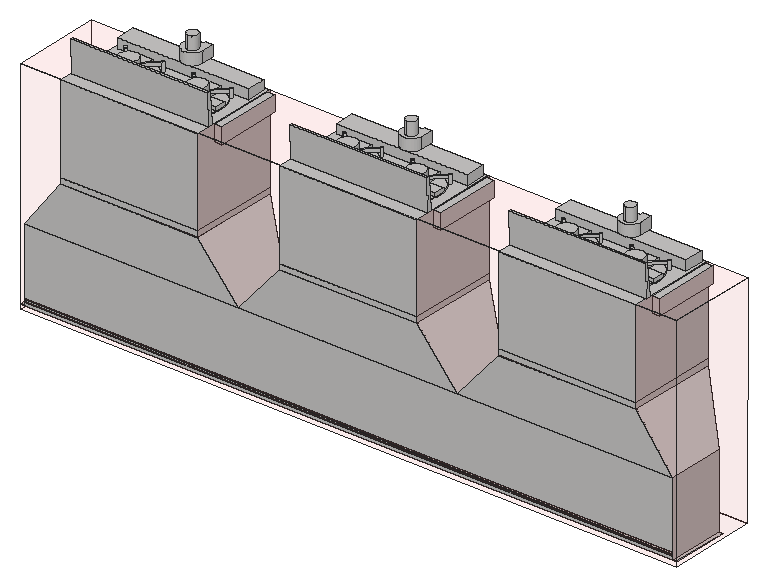
Revit family "Air-Curtain_Industrial_PoweredAire_Gas-Indirect-3Heater", category Mechanical Equipment, host Face, Revit 2023
Family settings
  Host = Face
  Round Connector Dimension = Use Diameter
  Part Type = Normal
  OmniClass Number = 23.75.35.17.21
  OmniClass Title = Air Curtains
  Cut with Voids When Loaded = No
  Maintain Annotation Orientation = No
  Shared = No
  Room Calculation Point = No
Parameters (values of type "22 ft Opening EHD 240'' Nozzle")
  topbracket [instance] = Unit Height = 1' 4 3/4"  # no
  Warranty Duration (Years) = 0
  Unit Width Notes = "Other Widths available."  # constant formula
  Unit Width = 20' - 3 3/8"
  Unit Weight = 2870
  Unit Height = 1' - 9"
  Unit Depth = 2' - 3 1/4"
  URL = "http://www.poweredaire.com/"
  Test Data = ""
  Standards Conformance = "AGA  ;  Made in USA"
  Specification = "http://www.arcat.com/sdspecs/htm04/23_34_33pai.htm"
  SpecWizard = ""
  Sound Pressure = ">71 dBA"
  Sales Information = "http://www.poweredaire.com/contact_us"
  Revision = "R1_2016-08"
  Projection from Host [instance] = 0' - 2"
  Product Properties = ""
  Product Data = "http://www.arcat.com/arcatcos/cos47/arc47623.html"
  Power Rating = 0 W
  Piping_Operating Pressure [instance] = 0.00 psi
  Pipe OD [instance] = 5/8"
  Overall Depth = 6' - 7 3/4"
  Nozzle Width = if(1 = 1, Unit Width - 0' 3", 0' 0")  # 20' - 0 3/8"
  Mounting Width = if(1 = 1, Unit Width - 0' 1 1/2", 0' 0")  # 20' - 1 7/8"
  Mounting Height [instance] = 3' - 6"
  Motor RPM = 1160
  Motor HP = 5
  Motor Count = 4
  Model = "EHD-4-240IG"
  Max Height = 22' - 0"
  Manufacturer Website = "http://www.poweredaire.com/"
  Manufacturer Phone - Toll Free = "888-321-2473"
  Manufacturer Phone = "724-588-3305"
  Manufacturer Fax = "724-588-3371"
  Manufacturer Address = "109 Mortensen Rd.  Greenville, PA 16125"
  Manufacturer = "Powered Aire, Inc"
  Maintenance Schedule (Months) = 0
  Keynote = "23 34 33"
  Installation-Fabrication = ""
  Installation Phase = ""
  Include Clearance [instance] = yes
  Heating Element Load = 0 W
  Heater Weight = 0
  Heater Hanging Width = 4' - 0 5/8"
  Heater Finish [instance] = Metal - Steel - PoweredAire - Stainless 304
  HVAC_Temperature Rise = 27 °F
  HVAC_Primary CFM = 0 CFM
  HVAC_Outlet Volume = 29100 CFM
  HVAC_Outlet Velocity Uniformity = 0.95
  HVAC_Outlet Velocity = 4400 FPM
  HVAC_Exit Temperature [instance] = 0 °F
  HVAC_BTU Output = 840000.0 Btu/h
  HVAC_BTU Input = 350000.0 Btu/h
  Green Building-LEED = "http://www.arcat.com/green/clients/leed_data_47623.html"
  Gas Connection Diameter [instance] = 0"
  Frame Finish [instance] = Metal - Steel - PoweredAire - Stainless 304
  Expected Lifespan (Years) = 0
  Exhaust Connection Diameter = 0' - 6"
  Electrical_Wattage [instance] = Power Rating + Heating Element Load  # 0 W
  Electrical_Voltage [instance] = 0 V
  Electrical_Phase [instance] = 1
  Electrical_Frequency [instance] = 0 Hz
  Electrical_Amperage [instance] = 0 A
  Drawn By = "Sumex Design, Inc. / Robert S. Weygant, CSI, CDT, SCIP"
  Description = "Powered Aire Indirect Gas Heated Industrial Air Curtain - EHD-4-240IG as Specified"
  Default Elevation = 0' - 0"  # constant formula
  Copyright = "©Arcat Inc."
  Construction Details = "http://www.arcat.com/details/powair/prod3336.html"
  Clearance_Top [instance] = 1' - 0"
  Clearance_Side B [instance] = 0' - 0"
  Clearance_Side A [instance] = 0' - 0"
  Clearance_Intake [instance] = 0' - 0"
  Clearance_Bottom [instance] = 0' - 0"
  Clearance Material [instance] = ARCAT Clearance
  Building Codes = ""
  Available Options [instance] = "as Specified"
  Assembly Code = "D3090400"
Types (5): name | Unit Width | Unit Weight | Sound Pressure | Nozzle Width | Mounting Width | Motor HP | Motor Count | Model | Max Height | HVAC_Temperature Rise | HVAC_Outlet Volume | HVAC_Outlet Velocity Uniformity | HVAC_Outlet Velocity | Description
  22 ft Opening EHD 240'' Nozzle | 20' - 3 3/8" | 2870 | ">71 dBA" | 20' - 0 3/8" | 20' - 1 7/8" | 5 | 4 | "EHD-4-240IG" | 22' - 0" | 27 °F | 29100 CFM | 0.95 | 4400 FPM | "Powered Aire Indirect Gas Heated Industrial Air Curtain - EHD-4-240IG as Specified"
  22 ft Opening EHD 228'' Nozzle | 19' - 3 3/8" | 2800 | ">71 dBA" | 19' - 0 3/8" | 19' - 1 7/8" | 5 | 4 | "EHD-4-228IG" | 22' - 0" | 27 °F | 28300 CFM | 0.94 | 4800 FPM | "Powered Aire Indirect Gas Heated Industrial Air Curtain - EHD-4-228IG as Specified"
  17 ft Opening TSD 240'' Nozzle 5 Motor | 20' - 3 1/2" | 2550 | ">69 dBA" | 20' - 0 1/2" | 20' - 2" | 3 | 5 | "TSD-5-240IG" | 17' - 0" | 34 °F | 25900 CFM | 0.951 | 3900 FPM | "Powered Aire Indirect Gas Heated Industrial Air Curtain - TSD-5-240IG as Specified"
  17 ft Opening TSD 240'' Nozzle 4 Motor | 20' - 3 3/8" | 2330 | ">69 dBA" | 20' - 0 3/8" | 20' - 1 7/8" | 3 | 4 | "TSD-4-240IG" | 17' - 0" | 38 °F | 21500 CFM | 0.863 | 3300 FPM | "Powered Aire Indirect Gas Heated Industrial Air Curtain - TSD-4-240IG as Specified"
  17 ft Opening TSD 228'' Nozzle | 19' - 3 3/8" | 2310 | ">69 dBA" | 19' - 0 3/8" | 19' - 1 7/8" | 3 | 4 | "TSD-4-228IG" | 17' - 0" | 40 °F | 20800 CFM | 0.863 | 3300 FPM | "Powered Aire Indirect Gas Heated Industrial Air Curtain - TSD-4-228IG as Specified"
Reference planes (in)
  plane 1 "Center (Elevation)": y = 0.13818
  plane 2: z = 0
  plane 3 "Center (Left/Right)": x = 0
  plane 4 "Top": y = 10.63818
  plane 5: y = -10.36182
  plane 6: x = -121.6875
  plane 7: x = 121.6875
  plane 8 "Front": z = 29.25
  plane 9 "FF": y = -41.86182
  plane 10: z = 2
  plane 11: x = 120.1875
  plane 12: x = -120.1875
  plane 13: y = 22.63818
  plane 14: y = -10.36182
  plane 15: x = -121.6875
  plane 16: x = 121.6875
  plane 17: z = 81.75
  plane 18: x = 120.125
  plane 19: x = -120.125
  plane 20: x = 120.1875
  plane 21: x = 120.1875
  plane 22: y = 8.13818
  plane 23: y = -7.86182
  plane 24: z = 81.75
  plane 25: z = 49.25
  plane 26: z = 47.25
  plane 27: x = -56.8125
  plane 28: x = -105.4375
  plane 29: x = -55.75
  plane 30: x = -106.5
  plane 31: x = 56.8125
  plane 32: x = 105.4375
  plane 33: x = 55.75
  plane 34: x = 106.5
  plane 35: x = -81.125
  plane 36: x = 81.125
  plane 37: x = -24.3125
  plane 38: x = 24.3125
  plane 39: x = -25.375
  plane 40: x = 25.375
  plane 41: x = -40.5625
  plane 42: x = 40.5625
Forms (in)
  Extrusion 1, solid, material "Metal - Steel - PoweredAire - Stainless 304" <- "Frame Finish"
    sketch origin (0, 0, 0) x (0, 1, 0) y (0, 0, 1)
      loop
        line (-10.36182, 2) -> (10.63818, 2) -> (10.63818, 29.25) -> (-10.36182, 29.25) -> (-10.36182, 2)
    from -120.1875 to 120.1875
  Extrusion 2, solid, material "ARCAT Clearance" <- "Clearance Material", visible <- "Include Clearance"
    sketch origin (0, 0, 0) x (0, 1, 0) y (0, 0, 1)
      loop
        line (-10.36182, 81.75) -> (-10.36182, 0) -> (22.63818, 0) -> (22.63818, 81.75) -> (-10.36182, 81.75)
    from -121.6875 to 121.6875
  Extrusion 3, solid, material "Metal - Steel - PoweredAire - Stainless 304" <- "Frame Finish"
    sketch origin (-15.17702, -180, 2) x (-1, 0, 0) y (0, -1, 0)
      loop
        line (-135.36452, -190.63818) -> (-135.36452, -169.63818) -> (-136.86452, -169.63818) -> (-136.86452, -190.63818) -> (-135.36452, -190.63818)
      loop
        line (105.01048, -190.63818) -> (106.51048, -190.63818) -> (106.51048, -169.63818) -> (105.01048, -169.63818) -> (105.01048, -190.63818)
    from 0 to 0.125
  Extrusion 4, solid, material "Metal - Steel - PoweredAire - Stainless 304" <- "Frame Finish", visible <- "topbracket"
    sketch origin (-11.83813, 10.63818, 48) x (-1, 0, 0) y (0, 0, 1)
      loop
        line (-132.02563, -45.5) -> (-132.02563, -42.75) -> (-133.52563, -42.75) -> (-133.52563, -45.5) -> (-132.02563, -45.5)
      loop
        line (-132.02563, -21.5) -> (-132.02563, -18.75) -> (-133.52563, -18.75) -> (-133.52563, -21.5) -> (-132.02563, -21.5)
      loop
        line (108.34937, -45.5) -> (109.84937, -45.5) -> (109.84937, -42.75) -> (108.34937, -42.75) -> (108.34937, -45.5)
      loop
        line (108.34937, -21.5) -> (109.84937, -21.5) -> (109.84937, -18.75) -> (108.34937, -18.75) -> (108.34937, -21.5)
    from 0 to -0.125
  Extrusion 5, void
    sketch origin (0, 0, 0) x (0, 1, 0) y (0, 0, 1)
      loop
        line (-10.36182, 3) -> (-9.36182, 3) -> (-9.36182, 4.5) -> (-10.36182, 4.5) -> (-10.36182, 3.82425) -> (-9.50864, 3.82425) -> (-9.50864, 3.57425) -> (-10.36182, 3.57425) -> (-10.36182, 3)
    from -120.125 to 120.125
  Blend 6, solid, material "Metal - Steel - PoweredAire - Stainless 304" <- "Frame Finish"
    base sketch origin (-15.17702, -180, 29.25) x (-1, 0, 0) y (0, -1, 0)
      loop
        line (105.01048, -190.63818) -> (105.01048, -169.63818) -> (25.38548, -169.63818) -> (25.38548, -190.63818) -> (105.01048, -190.63818)
    top sketch origin (-15.17702, -180, 29.25) x (-1, 0, 0) y (0, -1, 0)
      loop
        line (40.57298, -169.63818) -> (40.57298, -202.63818) -> (91.32298, -202.63818) -> (91.32298, -169.63818) -> (40.57298, -169.63818)
    from 0 to 18
  Blend 7, solid, material "Metal - Steel - PoweredAire - Stainless 304" <- "Frame Finish"
    base sketch origin (15.17702, -180, 29.25) x (1, 0, 0) y (0, 1, 0)
      loop
        line (105.01048, 190.63818) -> (25.38548, 190.63818) -> (25.38548, 169.63818) -> (105.01048, 169.63818) -> (105.01048, 190.63818)
    top sketch origin (15.17702, -180, 29.25) x (1, 0, 0) y (0, 1, 0)
      loop
        line (91.32298, 169.63818) -> (91.32298, 202.63818) -> (40.57298, 202.63818) -> (40.57298, 169.63818) -> (91.32298, 169.63818)
    from 0 to 18
  Blend 8, solid, material "Metal - Steel - PoweredAire - Stainless 304" <- "Frame Finish"
    base sketch origin (-61.94798, -180, 29.25) x (1, 0, 0) y (0, 1, 0)
      loop
        line (102.51048, 190.63818) -> (21.38548, 190.63818) -> (21.38548, 169.63818) -> (102.51048, 169.63818) -> (102.51048, 190.63818)
    top sketch origin (-61.94798, -180, 29.25) x (1, 0, 0) y (0, 1, 0)
      loop
        line (36.57298, 169.63818) -> (87.32298, 169.63818) -> (87.32298, 202.63818) -> (36.57298, 202.63818) -> (36.57298, 169.63818)
    from 0 to 18
Cuts and joins
  Extrusion 5 cuts Extrusion 1
Dimensions and locks (in)
  equal spacing: plane 4 "Top", plane 1 "Center (Elevation)", plane 5
  "Unit Height": plane 4 "Top" to plane 5
  "Unit Width": plane 6 to plane 7
  "Mounting Height": plane 1 "Center (Elevation)" to plane 9 "FF"
  "Projection from Host": plane 10 to level
  "Unit Depth": plane 8 "Front" to plane 10
  locked: plane 6 to plane 12 at 1.5
  locked: plane 11 to plane 7 at 1.5
  "Clearance_Side A": plane 7 to plane 16
  "Clearance_Side B": plane 15 to plane 6
  "Clearance_Top": plane 13 to plane 4 "Top"
  "Clearance_Bottom": plane 5 to plane 14
  "Clearance_Intake": plane 17 to plane 24
  Extrusion 5 sketch curve to Extrusion 5 sketch curve to Extrusion 5 sketch curve to Extrusion 5 sketch curve to plane 10 = 0' - 0.67575" locked, 0' - 0 1/4" locked, 0' - 0.57425" locked, 0' - 1" locked
  plane 5 to Extrusion 5 sketch curve to Extrusion 5 sketch curve = 0' - 0.85319" locked, 0' - 0.14681" locked
  locked: plane 19 to plane 12 at 0.0625
  locked: plane 11 to plane 18 at 0.0625
  locked: plane 20 to plane 11
  locked: plane 21 to plane 11
  locked: plane 4 "Top" to plane 22 at 2.5
  locked: plane 23 to plane 5 at 2.5
  "Overall Depth": plane 24 to plane 10
  locked: plane 25 to plane 26 at 2
  locked: plane 24 to plane 25 at 32.5
  locked: Blend 6 sketch curve to plane 5 at 33
  Extrusion 4 sketch curve to Extrusion 4 sketch curve to plane 10 = 0' - 2 3/4" locked, 0' - 0 1/2" locked  (x2)
  plane 8 "Front" to Extrusion 4 sketch curve to Extrusion 4 sketch curve = 0' - 0" locked, 0' - 2 3/4" locked  (x2)
  locked: plane 30 to plane 28 at 1.0625
  locked: plane 27 to plane 29 at 1.0625
  locked: plane 32 to plane 34 at 1.0625
  locked: plane 33 to plane 31 at 1.0625
  "Heater Hanging Width": plane 28 to plane 27
  equal spacing: plane 31, plane 36, plane 32
  "Heater Hanging Width": plane 31 to plane 32
  locked: Blend 7 sketch curve to plane 5 at 33
  locked: plane 38 to plane 40 at 1.0625
  locked: plane 39 to plane 37 at 1.0625
  equal spacing: plane 37, plane 3 "Center (Left/Right)", plane 38
  "Heater Hanging Width": plane 37 to plane 38
  equal spacing: plane 28, plane 35, plane 27
  equal spacing: plane 6, plane 35, plane 41, plane 3 "Center (Left/Right)", plane 42, plane 36, plane 7
  locked: Blend 8 sketch curve to plane 5 at 33
  aligned and locked: plane 2 to host face
  aligned and locked: level to host face
  aligned and locked: Extrusion 2 sketch curve to plane 17
  aligned and locked: plane 14 to Extrusion 2 sketch curve
  aligned and locked: level to Extrusion 2 sketch curve
  aligned and locked: Extrusion 2 sketch curve to plane 13
  aligned and locked: plane 16 to Extrusion 2
  aligned and locked: Extrusion 2 to plane 15
  aligned and locked: plane 11 to Extrusion 1
  aligned and locked: Extrusion 1 to plane 12
  aligned and locked: Extrusion 1 sketch curve to plane 8 "Front"
  aligned and locked: plane 24 to nested 1
  aligned and locked: plane 5 to Blend 6 sketch curve
  aligned and locked: plane 12 to Blend 6 sketch curve
  aligned and locked: Blend 6 sketch curve to plane 4 "Top"
  aligned and locked: Blend 6 sketch curve to plane 5
  aligned and locked: plane 26 to Blend 6
  aligned and locked: plane 35 to nested 1
  aligned and locked: plane 36 to nested 2
  aligned and locked: nested 2 to plane 24
  aligned and locked: plane 5 to Blend 7 sketch curve
  aligned and locked: plane 11 to Blend 7 sketch curve
  aligned and locked: Blend 7 sketch curve to plane 4 "Top"
  aligned and locked: plane 33 to Blend 7 sketch curve
  aligned and locked: Blend 7 sketch curve to plane 5
  aligned and locked: Blend 7 sketch curve to plane 34
  aligned and locked: plane 18 to cut or joined group of Extrusion 1, Extrusion 5
  aligned and locked: cut or joined group of Extrusion 1, Extrusion 5 to plane 19
  aligned and locked: plane 3 "Center (Left/Right)" to nested 3
  aligned and locked: plane 24 to nested 3
  aligned and locked: Blend 6 sketch curve to plane 41
  aligned and locked: Blend 7 sketch curve to plane 42
  aligned and locked: plane 30 to Blend 6 sketch curve
  aligned and locked: Blend 6 sketch curve to plane 29
  aligned and locked: Blend 8 sketch curve to plane 41
  aligned and locked: plane 42 to Blend 8 sketch curve
  aligned and locked: Blend 8 sketch curve to plane 5
  aligned and locked: Blend 8 sketch curve to plane 4 "Top"
  aligned and locked: Blend 8 sketch curve to plane 39
  aligned and locked: plane 40 to Blend 8 sketch curve
  aligned and locked: plane 26 to Blend 8
Automatic sketch dimensions
  host sketch curve to host sketch curve = 8' - 0"  (x2)
  Extrusion 1 sketch curve to plane 5 = 0' - 0"
  Extrusion 1 sketch curve to plane 4 "Top" = 0' - 0"
  Extrusion 1 sketch curve to plane 10 = 0' - 0"
  plane 4 "Top" to Extrusion 3 sketch curve = 0' - 0"
  Extrusion 3 sketch curve to plane 7 = 0' - 0"
  plane 5 to Extrusion 3 sketch curve = 0' - 0"
  Extrusion 3 sketch curve to plane 11 = 0' - 0"
  Extrusion 3 sketch curve to plane 4 "Top" = 0' - 0"
  Extrusion 3 sketch curve to plane 12 = 0' - 0"
  Extrusion 3 sketch curve to plane 6 = 0' - 0"
  Extrusion 3 sketch curve to plane 5 = 0' - 0"
  Extrusion 4 sketch curve to plane 7 = 0' - 0"  (x2)
  Extrusion 4 sketch curve to plane 11 = 0' - 0"  (x2)
  Extrusion 4 sketch curve to plane 12 = 0' - 0"  (x2)
  Extrusion 4 sketch curve to plane 6 = 0' - 0"  (x2)
  Extrusion 5 sketch curve to plane 5 = 0' - 0"  (x2)
  Blend 8 sketch curve to plane 5 = 0' - 0"
Nested families (in)
  nested 1: "Heater" at (-81.125, -10.36182, 49.2987) x (1, 0, 0) z (0, 1, 0), finish <- "Heater Finish", burner width <- "Heater Hanging Width", type "Heater"
    with finish Metal - Steel - PoweredAire - Stainless 304, burner width 4' - 0 5/8", Two Fan yes, One Fan no
  nested 2: "Heater" at (81.125, -10.36182, 49.2987) x (1, 0, 0) z (0, 1, 0), finish <- "Heater Finish", burner width <- "Heater Hanging Width", type "Heater"
    with finish Metal - Steel - PoweredAire - Stainless 304, burner width 4' - 0 5/8", Two Fan yes, One Fan no
  nested 3: "Heater" at (0, -10.36182, 49.2987) x (1, 0, 0) z (0, 1, 0), finish <- "Heater Finish", burner width <- "Heater Hanging Width", type "Heater"
    with finish Metal - Steel - PoweredAire - Stainless 304, burner width 4' - 0 5/8", Two Fan yes, One Fan no
Connectors (in)
  electrical at (-120.1875, 0.13818, 15.625), driven by "Electrical_Voltage", driven by "Electrical_Phase"
    settings: on cut or joined group of Extrusion 1, Extrusion 5, index 3, voltage 0 V, apparent load 0 VA, apparent load phase1 0 VA, apparent load phase2 0 VA, apparent load phase3 0 VA, power factor 1, load classification "Motor", number of poles 1, system type 31, power factor state 1, is connector primary yes, connector utility no, sub classification motor no, connector description ""
  hvac at (-78.125, 22.63818, 87.40625), driven by "Exhaust Connection Diameter", driven by "HVAC_Primary CFM"
    settings: on nested 1, index 4, duct flow 0 CFM, flow factor 0, pres drop 0.00 in-wg, loss coef 0, conn angle 0.00°, conn width 12", conn height 12", conn diameter 6", duct sys type 3, conn prof type 0, flow config 0, flow direction 2, loss method 0, conn ref index -1, conn util no, is conn primary yes, conn desc ""
  hvac at (84.125, 22.63818, 87.40625), driven by "HVAC_Primary CFM", driven by "Exhaust Connection Diameter"
    settings: on nested 2, index 5, duct flow 0 CFM, flow factor 0, pres drop 0.00 in-wg, loss coef 0, conn angle 0.00°, conn width 12", conn height 12", conn diameter 6", duct sys type 3, conn prof type 0, flow config 0, flow direction 2, loss method 0, conn ref index -1, conn util no, is conn primary no, conn desc ""
  hvac at (3, 22.63818, 87.40625), driven by "HVAC_Primary CFM", driven by "Exhaust Connection Diameter"
    settings: on nested 3, index 6, duct flow 0 CFM, flow factor 0, pres drop 0.00 in-wg, loss coef 0, conn angle 0.00°, conn width 12", conn height 12", conn diameter 6", duct sys type 3, conn prof type 0, flow config 0, flow direction 2, loss method 0, conn ref index -1, conn util no, is conn primary no, conn desc ""
Definition of nested family "Heater"
  Parameters
    finish [instance] = none
    burner width [instance] = 4' - 0 5/8"
    burner depth = 3' - 8 3/4"
    Two Fan [instance] = burner width > 4' 0"  # yes
    One Fan [instance] = burner width < 4' 0"  # no
    Default Elevation = 0' - 0"  # constant formula
  Reference planes (in)
    plane 1 "Center (Front/Back)": y = 0
    plane 2: z = 0
    plane 3 "Center (Left/Right)": x = 0
    plane 4: x = -25.375
    plane 5: x = 25.375
    plane 6: z = 33
    plane 7: y = -44.75
    plane 8: x = 3
    plane 9: x = 4.375
    plane 10: x = -12.6875
    plane 11: x = 12.6875
    plane 12: z = 15.5
    plane 13: x = -24.3125
    plane 14: x = 24.3125
  Forms (in)
    Extrusion 1, solid, material <- "finish"
      sketch origin (-74.94554, -3, 38.65968) x (0, 0, 1) y (1, 0, 0)
        loop
          line (-5.65968, 49.57054) -> (-5.65968, 100.32054) -> (-38.65968, 100.32054) -> (-38.65968, 49.57054) -> (-5.65968, 49.57054)
      from 3 to -29.4513
    Extrusion 2, solid, material <- "finish"
      sketch origin (0, 0, 0) x (0, 1, 0) y (0, 0, 1)
        loop
          line (2, 0) -> (2, 33) -> (0, 33) -> (0, 0) -> (2, 0)
      from -25.375 to 25.375
    Extrusion 3, solid, material <- "finish"
      sketch origin (-74.94554, -32.4513, 38.65968) x (0, 0, 1) y (1, 0, 0)
        loop
          line (-6.91591, 50.82971) -> (-6.91591, 99.10844) -> (-13.91591, 99.10844) -> (-13.91591, 50.82971) -> (-6.91591, 50.82971)
      from 0 to -3.625
    Extrusion 4, solid, material <- "finish"
      sketch origin (-74.94554, -36.0763, 38.65968) x (0, 0, 1) y (1, 0, 0)
        loop
          arc (-10.4052, 79.32054) -> (-12.67312, 72.60509) -> (-6.79809, 76.57054) r 3.74068
          line (-6.79809, 76.57054) -> (-5.65968, 76.57054) -> (-5.65968, 79.32054) -> (-10.4052, 79.32054)
      from 0 to -4.0625
    Extrusion 5, solid, material <- "finish"
      sketch origin (-73.58006, -40.1388, 35.52564) x (0, 0, -1) y (1, 0, 0)
        loop
          circle (7.27116, 74.21438) r 2
      from 4.6112 to 0
    Extrusion 6, solid, material <- "finish"
      sketch origin (0, 0, 0) x (1, 0, 0) y (0, 1, 0)
        loop
          line (28.3125, -32.4513) -> (28.3125, -26.7013) -> (25.3125, -26.7013) -> (25.3125, -32.4513) -> (28.3125, -32.4513)
      from 7.25 to 31.75
    Extrusion 7, solid, material <- "finish", visible <- "Two Fan"
      sketch origin (0, 0, 0) x (0, 1, 0) y (0, 0, 1)
        loop
          line (-32.4513, 6.22268) -> (-44.15658, 5.1986) -> (-44.15658, 4.4486) -> (-32.4513, 4.85736) -> (-32.4513, 6.22268)
      from -25.375 to 25.375
  Dimensions and locks (in)
    locked: Extrusion 4 sketch curve to Extrusion 4 sketch curve at 2.75
    "burner width": plane 13 to plane 14
    locked: plane 6 to level at 33
    "burner depth": plane 7 to plane 1 "Center (Front/Back)"
    locked: plane 8 to plane 9 at 1.375
    Extrusion 4 sketch curve to Extrusion 4 sketch curve to plane 8 = 0' - 0.99068" locked, 0' - 1 3/8" locked
    locked: Extrusion 5 sketch curve to plane 8 at 2.36568
    locked: plane 8 to plane 3 "Center (Left/Right)" at 3
    Extrusion 6 sketch curve to plane 5 to Extrusion 6 sketch curve = 0' - 0 1/16" locked, 0' - 2 15/16" locked
    equal spacing: plane 5, plane 11, plane 3 "Center (Left/Right)", plane 10, plane 4
    locked: plane 4 to plane 13 at 1.0625
    locked: plane 14 to plane 5 at 1.0625
    aligned and locked: plane 2 to level
    aligned: Extrusion 4 to Extrusion 5
    aligned: Extrusion 3 to Extrusion 2  (x2)
    aligned and locked: plane 7 to Extrusion 5
    aligned and locked: plane 4 to Extrusion 1 sketch curve
    aligned and locked: Extrusion 1 sketch curve to plane 5
    aligned and locked: Extrusion 7 to plane 4
    aligned and locked: plane 5 to Extrusion 7
    aligned and locked: plane 12 to nested 1
    aligned and locked: plane 3 "Center (Left/Right)" to nested 1
    aligned and locked: plane 12 to nested 3
    aligned and locked: plane 11 to nested 3
    aligned and locked: plane 10 to nested 2
    aligned and locked: plane 12 to nested 2
    aligned and locked: plane 5 to Extrusion 2
    aligned and locked: Extrusion 2 to plane 4
  Automatic sketch dimensions
    Extrusion 1 to Extrusion 3 sketch curve = 0' - 1.25917"
    Extrusion 1 to Extrusion 3 sketch curve = 0' - 8.25624"
    Extrusion 1 to Extrusion 3 sketch curve = 0' - 1.2121"
    Extrusion 1 to Extrusion 3 sketch curve = 0' - 1.25624"
    Extrusion 4 sketch curve to Extrusion 3 = 0' - 0.11782"
    Extrusion 4 sketch curve to Extrusion 3 = 0' - 1.25624"
    Extrusion 5 sketch curve to Extrusion 4 = 0' - 4.74552"
    Extrusion 1 sketch curve to level = 0' - 0"
    Extrusion 1 sketch curve to plane 6 = 0' - 0"
    Extrusion 2 sketch curve to level = 0' - 0"
    Extrusion 2 sketch curve to plane 1 "Center (Front/Back)" = 0' - 0"
    Extrusion 2 sketch curve to plane 6 = 0' - 0"
    Extrusion 2 sketch curve to Extrusion 2 sketch curve = 0' - 2"
    Extrusion 6 sketch curve to plane 7 = 1' - 0.2987"
    Extrusion 6 sketch curve to Extrusion 6 sketch curve = 0' - 5 3/4"
    Extrusion 7 sketch curve to plane 7 = 0' - 0.59342"
    level to Extrusion 7 sketch curve = 0' - 4.4486"
    Extrusion 7 sketch curve to Extrusion 7 sketch curve = 0' - 0 3/4"
    level to Extrusion 7 sketch curve = 0' - 4.85736"
    Extrusion 7 sketch curve to Extrusion 7 sketch curve = 0' - 11.70529"
    Extrusion 7 sketch curve to Extrusion 7 sketch curve = 0' - 1.36532"
    radius of Extrusion 5 sketch curve = 0' - 2"
  Nested families (in)
    nested 1: "FanControls" at (0, -32.4513, 15.5) x (1, 0, 0) z (0, -1, 0), finish <- "finish", visible <- "One Fan", type "FanControls"
      with finish none
    nested 2: "FanControls" at (-12.6875, -32.4513, 15.5) x (1, 0, 0) z (0, -1, 0), finish <- "finish", visible <- "Two Fan", type "FanControls"
      with finish none
    nested 3: "FanControls" at (12.6875, -32.4513, 15.5) x (1, 0, 0) z (0, -1, 0), finish <- "finish", visible <- "Two Fan", type "FanControls"
      with finish none
  Definition of nested family "FanControls"
    Parameters
      finish [instance] = none
      Default Elevation = 4' - 0"
    Reference planes (in)
      plane 1 "Center (Front/Back)": y = 0
      plane 2: z = 0
      plane 3 "Center (Left/Right)": x = 0
    Forms (in)
      Extrusion 1, solid, material <- "finish"
        sketch origin (-75.00804, 32.07233, 0) x (1, 0, 0) y (0, -1, 0)
          loop
            circle (75.00804, 32.07233) r 3.25
        from -5.33075 to 0
      Extrusion 2, solid, material <- "finish"
        sketch origin (24.44581, -78.06044, 0) x (1, 0, 0) y (0, -1, 0)
          loop
            line (-22.50831, -86.58776) -> (-22.50831, -81.58776) -> (-26.50831, -81.58776) -> (-26.50831, -86.58776) -> (-22.50831, -86.58776)
          loop
            line (-22.50831, -69.53312) -> (-26.50831, -69.53312) -> (-26.50831, -74.53312) -> (-22.50831, -74.53312) -> (-22.50831, -69.53312)
          loop
            line (-15.98099, -76.06044) -> (-20.98099, -76.06044) -> (-20.98099, -80.06044) -> (-15.98099, -80.06044) -> (-15.98099, -76.06044)
          loop
            line (-33.03563, -76.06044) -> (-33.03563, -80.06044) -> (-28.03563, -80.06044) -> (-28.03563, -76.06044) -> (-33.03563, -76.06044)
        from 0 to -1.37288
      Extrusion 3, solid, material <- "finish"
        sketch origin (-75.00804, 21.40968, 0) x (1, 0, 0) y (0, -1, 0)
          loop
            line (68.02536, 14.95733) -> (68.55569, 14.427) -> (75.00804, 20.87935) -> (81.46039, 14.427) -> (81.99072, 14.95733) -> (75.53837, 21.40968) -> (81.99072, 27.86203) -> (81.46039, 28.39236) -> (75.00804, 21.94001) -> (68.55569, 28.39236) -> (68.02536, 27.86203) -> (74.47771, 21.40968) -> (68.02536, 14.95733)
        from -3.1123 to -2
      Extrusion 4, solid, material <- "finish"
        sketch origin (-75.00804, 21.40968, 0) x (1, 0, 0) y (0, -1, 0)
          loop
            line (68.02536, 13.89667) -> (68.55569, 14.427) -> (68.02536, 14.95733) -> (67.49503, 14.427) -> (68.02536, 13.89667)
          loop
            line (82.52105, 14.427) -> (81.99072, 14.95733) -> (81.46039, 14.427) -> (81.99072, 13.89667) -> (82.52105, 14.427)
          loop
            line (81.99072, 28.92269) -> (81.46039, 28.39236) -> (81.99072, 27.86203) -> (82.52105, 28.39236) -> (81.99072, 28.92269)
          loop
            line (67.49503, 28.39236) -> (68.02536, 27.86203) -> (68.55569, 28.39236) -> (68.02536, 28.92269) -> (67.49503, 28.39236)
        from 0 to -3.1123
      Extrusion 5, solid, material <- "finish"
        sketch origin (0, 0, 0) x (1, 0, 0) y (0, 1, 0)
          loop
            circle (0, 0) r 9
        from 0 to 0.14961
    Dimensions and locks (in)
      Extrusion 4 sketch curve to Extrusion 4 sketch curve to Extrusion 4 sketch curve to Extrusion 4 sketch curve = 0' - 0.53033" locked, 0' - 0" locked, 0' - 0.53033" locked  (x4)
      Extrusion 3 sketch curve to Extrusion 3 sketch curve to Extrusion 3 sketch curve to Extrusion 3 sketch curve to Extrusion 3 sketch curve = 0' - 5.92202" locked, 0' - 0" locked, 0' - 0.53033" locked, 0' - 0" locked
      Extrusion 3 sketch curve to Extrusion 3 sketch curve to Extrusion 3 sketch curve to Extrusion 3 sketch curve to Extrusion 3 sketch curve = 0' - 0" locked, 0' - 0.53033" locked, 0' - 0" locked, 0' - 5.92202" locked
      locked: Extrusion 2 sketch curve to Extrusion 2 sketch curve at 5  (x2)
      aligned and locked: plane 2 to level
